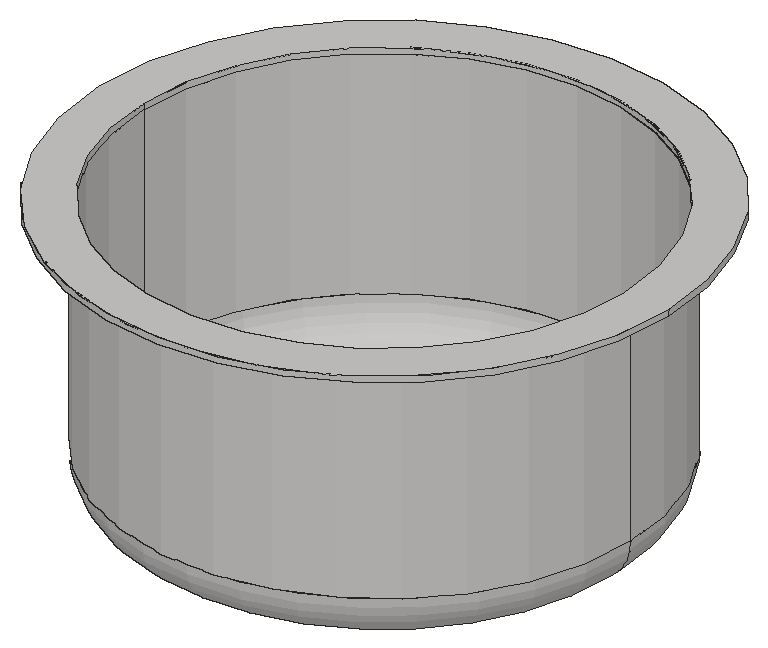
Revit family "QF_Vollrath_201260", category Specialty Equipment, Revit 2016
Family settings
  Part Type = Normal
  Round Connector Dimension = Use Diameter
  OmniClass Number = 23.40.40.14.31
  OmniClass Title = Cleaning and Disposal Equipment
  Work Plane-Based = Yes
  Always vertical = Yes
  Cut with Voids When Loaded = No
  Shared = No
  Room Calculation Point = No
Parameters
  Weight in Pounds = 0
  Watermarked By = "http://revitwatermark.com"
  URL Cutsheet = ""
  Status [instance] = ""
  Specification by User [instance] = ""
  Specification by Manufacturer [instance] = ""
  Sink Width = 0' - 7 3/4"
  Sink Basin Depth = 0' - 5 3/4"
  Serial Number [instance] = ""
  Seismic Rating [instance] = ""
  SMACNA No [instance] = ""
  Revision Code [instance] = ""
  NAFEM Spec ID Number [instance] = ""
  Model = "201260"
  Masterspec [instance] = ""
  Manufacturer = "Vollrath"
  Item Number [instance] = "-"
  Installed By [instance] = ""
  Indirect Waste Size = 2"
  Indirect Waste Flow [instance] = 0.00 GPM
  Indirect Waste Connection Type [instance] = ""
  Indirect Waste Connection Height [instance] = 0' - 0"
  Furnished By [instance] = ""
  Foodservice Equipment Identifier [instance] = yes
  Description = "Round Sink"  # constant formula
  Depth = 0' - 10 5/16"
  Default Elevation = 4' - 0"
  CSI MasterFormat = ""
  Assembly Code = ""
Reference planes (in)
  plane 1 "BACK": y = 0
  plane 2 "BOTTOM": z = 0
  plane 3 "LEFT": x = 0
  plane 4 "RIGHT": x = 10.3125
  plane 5 "FRONT": y = -10.3125
  plane 6 "c1": x = 5.15625
  plane 7 "CENTER 1": y = -5.15625
  plane 8 "Sink Bottom": z = -5.75
  plane 9: y = -4.15625
Forms (in)
  Extrusion 1, solid, material "QF_Finishes_Stainless Steel"
    sketch origin (0, 0, 0) x (1, 0, 0) y (0, 1, 0)
      loop
        circle (5.15625, -5.15625) r 6.125
      loop
        circle (5.15625, -5.15625) r 5.1875
    from 0 to 0.125
  Sweep 2, solid, material "QF_Finishes_Stainless Steel"
    path in 3D
      loop
        arc (-0.03125, -5.15625, 0.125) -> (5.15625, -10.34375, 0.125) -> (10.34375, -5.15625, 0.125) r 5.1875
        arc (10.34375, -5.15625, 0.125) -> (5.15625, 0.03125, 0.125) -> (-0.03125, -5.15625, 0.125) r 5.1875
    profile origin (5.15625, 0.03125, 0.125) x (0, -1, 0) y (0, 0, 1)
      loop
        line (0.875, -5.75) -> (3.75, -5.75) -> (3.75, -5.625) -> (0.875, -5.625)
        arc (0.875, -5.625) -> (0.25628, -5.36872) -> (0, -4.75) r 0.875
        line (0, -4.75) -> (0, -0.125) -> (-0.125, -0.125) -> (-0.125, -4.75)
        arc (-0.125, -4.75) -> (0.16789, -5.45711) -> (0.875, -5.75) r 1
Lines and regions (in)
  sketch lines
    curve 1: arc (10.34375, -5.15625, 0.125) -> (5.15625, 0.03125, 0.125) -> (-0.03125, -5.15625, 0.125) r 5.1875
    curve 2: arc (-0.03125, -5.15625, 0.125) -> (5.15625, -10.34375, 0.125) -> (10.34375, -5.15625, 0.125) r 5.1875
  symbolic lines
    curve 3: circle (5.15625, -5.15625, 0) r 5.1875 normal (0, 0, 1)
    curve 4: circle (5.15625, -5.15625, 0) r 6.0625 normal (0, 0, 1)
  symbolic lines, style "QF_Surface Details"
    curve 5: circle (5.10888, -5.15625, 0) r 1 normal (0, 0, 1)
Dimensions and locks (in)
  "Sink Basin Depth": level to plane 8 "Sink Bottom"
  aligned and locked: level to plane 2 "BOTTOM"
Automatic sketch dimensions
  Extrusion 1 sketch curve to Extrusion 1 sketch curve = 0' - 0"  (x2)
  Extrusion 1 sketch curve to plane 6 "c1" = 0' - 0"
  Extrusion 1 sketch curve to plane 7 "CENTER 1" = 0' - 0"
  Sweep 2 sketch curve to Sweep 2 sketch curve = 0' - 0"  (x2)
  Sweep 2 sketch curve to profile plane = 0' - 0"
  Sweep 2 sketch curve to Sweep 2 sketch curve = 0' - 0 1/8"
  Sweep 2 sketch curve to profile plane = 0' - 0 7/8"
  Sweep 2 sketch curve to Sweep 2 sketch curve = 0' - 2 7/8"
  Sweep 2 sketch curve to profile plane = 0' - 5 3/4"
  Sweep 2 sketch curve to profile plane = 0' - 0 1/8"
  curve 3 to curve 4 = 0' - 0"  (x2)
  curve 4 to plane 6 "c1" = 0' - 0"
  curve 4 to plane 7 "CENTER 1" = 0' - 0"
  curve 5 to plane 9 = 0' - 1"
  curve 5 to plane 4 "RIGHT" = 0' - 5.20362"
  radius of Extrusion 1 sketch curve = 0' - 6 1/8"
  radius of Extrusion 1 sketch curve = 0' - 5 3/16"
  radius of curve 3 = 0' - 5 3/16"
  radius of curve 4 = 0' - 6 1/16"
  radius of curve 5 = 0' - 1"
Connectors (in)
  piping at (5.15625, -5.15625, -5.625), diameter 2, driven by "Indirect Waste Flow"
    settings: on Sweep 2, index 1, connector inside diameter 2", connector length 0' - 0", flow factor 0, pipe flow 0.00 GPM, pressure drop 0.00 psi, fitting loss kfactor 0, connector angle 0.00°, fixture units 0, engagement length 0' - 0", angle of deflection 0.00°, flow configuration 1, flow direction 2, fitting loss method 0, system type 16, joint type 0, gender type 0, connector reference index -1, connector utility 0, adjustable connector no, is connector primary yes, connector description "IW"
